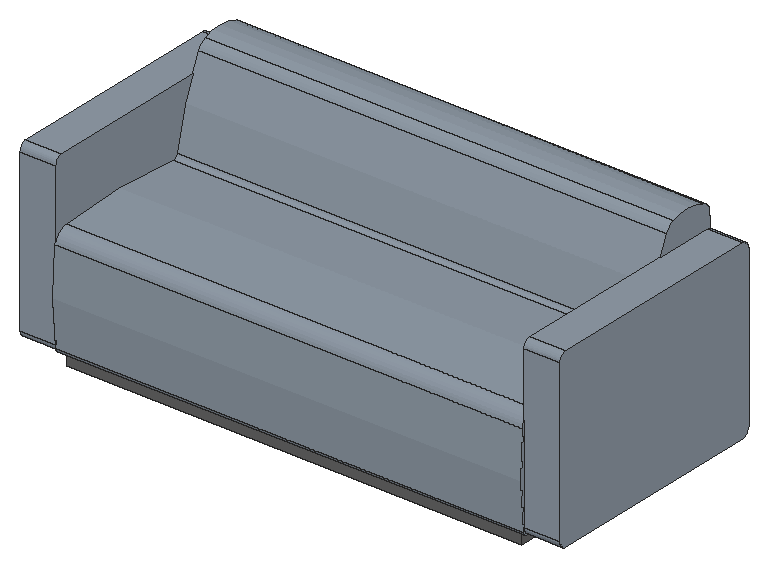
Revit family "FU_Modular_Sandler_Pau 1230TA", category Furniture, Revit 2022
Family settings
  OmniClass Number = 23.40.20.00
  OmniClass Title = General Furniture and Specialties
  Work Plane-Based = No
  Always vertical = Yes
  Cut with Voids When Loaded = No
  Render Appearance Source = Family Geometry
  Shared = No
  Room Calculation Point = No
Parameters (values of type "PAU 1230TA")
  Width = 1800 mm
  URL = "https://www.sandlerseating.com/product/pau1230ta/"
  Seat [instance] = Fabric - Gravity - Frozen CPC27
  Model = "PAU1230TA"
  Manufacturer = "Sandler"
  Height = 720 mm
  Description = "Upholstered sofa with armrest. Width 180cm / 70.9\"."
  Depth = 800 mm
  Default Elevation = 0 mm
  Base [instance] = Lacquer - W1 - B00 Black
Reference planes
  plane 1 "Center (Front/Back)": y = 0
  plane 2: z = 0
  plane 3 "Center (Left/Right)": x = 0
  plane 4 "Right": x = -900
  plane 5 "Left": x = 900
  plane 6 "Back": y = 400
  plane 7 "Front": y = -400
  plane 8 "Height": z = 720
  plane 9 "Seat height": z = 420
  plane 10 "Base Right": x = -759
  plane 11 "Base Back": y = 366.687
  plane 12 "Base Left": x = 759
  plane 13 "Base Front": y = -366.901
  plane 14 "Base Top": z = 40
  plane 15 "Right Arm": x = -780
  plane 16 "Left Arm": x = 780
Forms (mm)
  Extrusion 1, solid, material "Lacquer - W1 - B00 Black" <- "Base"
    sketch origin (0, 0, 0) x (1, 0, 0) y (0, 1, 0)
      loop
        line (-759, 366.687) -> (-759, -366.901) -> (759, -366.901) -> (759, 366.687) -> (-759, 366.687)
    from 0 to 40
  Extrusion 2, solid, material "Fabric - Gravity - Frozen CPC27" <- "Seat"
    sketch origin (0, 0, 0) x (0, 1, 0) y (0, 0, 1)
      loop
        arc (-347.109, 408.238) -> (-376.551, 394.157) -> (-391.033, 364.911) r 50
        arc (-391.033, 364.911) -> (-399.905, 208.642) -> (-386.679, 52.681) r 1108.576
        arc (-386.679, 52.681) -> (-381.612, 43.603) -> (-371.859, 40) r 15
        line (-371.859, 40) -> (374.029, 40)
        arc (374.029, 40) -> (380.395, 42.288) -> (383.848, 48.104) r 10
        arc (383.848, 48.104) -> (399.882, 210.98) -> (385.633, 374.022) r 884.51
        arc (385.633, 374.022) -> (383.344, 399.87) -> (385.795, 425.704) r 142.036
        arc (385.795, 425.704) -> (397.5, 553.207) -> (385.031, 680.637) r 678.162
        arc (385.031, 680.637) -> (378.627, 694.761) -> (366.547, 704.486) r 33.492
        arc (366.547, 704.486) -> (302.388, 719.935) -> (237.455, 708.154) r 159.868
        arc (237.455, 708.154) -> (220.834, 697.678) -> (208.813, 682.137) r 56.417
        arc (208.813, 682.137) -> (152.848, 552.661) -> (116.957, 416.25) r 936.801
        arc (116.957, 416.25) -> (111.022, 406.829) -> (100.228, 404.095) r 15
        arc (100.228, 404.095) -> (-123.313, 419.929) -> (-347.109, 408.238) r 1824.42
    from -780 to 780
  Extrusion 3, solid, material "Fabric - Gravity - Frozen CPC27" <- "Seat"
    sketch origin (900, 0, 0) x (0, -1, 0) y (0, 0, 1)
      loop
        arc (360, 40) -> (377.678, 47.322) -> (385, 65) r 25
        line (385, 65) -> (385, 600)
        arc (385, 600) -> (377.678, 617.678) -> (360, 625) r 25
        line (360, 625) -> (-375, 625)
        arc (-375, 625) -> (-392.678, 617.678) -> (-400, 600) r 25
        line (-400, 600) -> (-400, 65)
        arc (-400, 65) -> (-392.678, 47.322) -> (-375, 40) r 25
        line (-375, 40) -> (360, 40)
    from 0 to 120
  Extrusion 4, solid, material "Fabric - Gravity - Frozen CPC27" <- "Seat"
    sketch origin (-900, 0, 0) x (0, -1, 0) y (0, 0, 1)
      loop
        arc (360, 40) -> (377.678, 47.322) -> (385, 65) r 25
        line (385, 65) -> (385, 600)
        arc (385, 600) -> (377.678, 617.678) -> (360, 625) r 25
        line (360, 625) -> (-375, 625)
        arc (-375, 625) -> (-392.678, 617.678) -> (-400, 600) r 25
        line (-400, 600) -> (-400, 65)
        arc (-400, 65) -> (-392.678, 47.322) -> (-375, 40) r 25
        line (-375, 40) -> (360, 40)
    from 0 to -120
Dimensions and locks
  equal spacing: plane 4 "Right", plane 3 "Center (Left/Right)", plane 5 "Left"
  "Width": plane 4 "Right" to plane 5 "Left"
  equal spacing: plane 6 "Back", plane 1 "Center (Front/Back)", plane 7 "Front"
  "Depth": plane 6 "Back" to plane 7 "Front"
  "Height": plane 8 "Height" to level
  plane 9 "Seat height" to level = 420 mm
  locked: plane 6 "Back" to plane 11 "Base Back" at 33.313
  locked: plane 13 "Base Front" to plane 7 "Front" at 33.099
  plane 4 "Right" to plane 15 "Right Arm" to plane 10 "Base Right" = 120 mm locked, 21 mm locked
  plane 12 "Base Left" to plane 16 "Left Arm" to plane 5 "Left" = 21 mm locked, 120 mm locked
  aligned and locked: level to plane 2
  aligned and locked: Extrusion 1 sketch curve to plane 11 "Base Back"
  aligned and locked: Extrusion 1 sketch curve to plane 10 "Base Right"
  aligned and locked: Extrusion 1 sketch curve to plane 13 "Base Front"
  aligned and locked: Extrusion 1 sketch curve to plane 12 "Base Left"
  aligned and locked: Extrusion 2 to plane 15 "Right Arm"
  aligned and locked: plane 16 "Left Arm" to Extrusion 2
  aligned and locked: Extrusion 3 to plane 16 "Left Arm"
  aligned and locked: plane 15 "Right Arm" to Extrusion 4
Automatic sketch dimensions
  plane 14 "Base Top" to Extrusion 2 sketch curve = 0 mm
  Extrusion 2 sketch curve to plane 7 "Front" = 84.615 mm
  Extrusion 2 sketch curve to plane 13 "Base Front" = 4.958 mm
  plane 13 "Base Front" to Extrusion 2 sketch curve = 25.463 mm
  plane 13 "Base Front" to Extrusion 2 sketch curve = 86.242 mm
  plane 1 "Center (Front/Back)" to Extrusion 2 sketch curve = 140.209 mm
  Extrusion 2 sketch curve to plane 9 "Seat height" = 1.036 mm
  Extrusion 2 sketch curve to plane 1 "Center (Front/Back)" = 102.204 mm
  plane 11 "Base Back" to Extrusion 2 sketch curve = 107.92 mm
  plane 11 "Base Back" to Extrusion 2 sketch curve = 68.841 mm
  plane 11 "Base Back" to Extrusion 2 sketch curve = 14.533 mm
  Extrusion 2 sketch curve to plane 11 "Base Back" = 7.342 mm
  Extrusion 2 sketch curve to plane 9 "Seat height" = 20.575 mm
  plane 6 "Back" to Extrusion 2 sketch curve = 125.379 mm
  Extrusion 2 sketch curve to Extrusion 2 sketch curve = 183.184 mm
  Extrusion 2 sketch curve to Extrusion 2 sketch curve = 329.735 mm
  Extrusion 2 sketch curve to level = 1404.412 mm
  Extrusion 2 sketch curve to plane 14 "Base Top" = 10 mm
  Extrusion 2 sketch curve to plane 14 "Base Top" = 15 mm
  Extrusion 2 sketch curve to plane 14 "Base Top" = 175.825 mm
  Extrusion 2 sketch curve to plane 14 "Base Top" = 184.101 mm
  Extrusion 2 sketch curve to plane 9 "Seat height" = 173.236 mm
  Extrusion 2 sketch curve to plane 9 "Seat height" = 61.44 mm
  plane 9 "Seat height" to Extrusion 2 sketch curve = 131.174 mm
  plane 9 "Seat height" to Extrusion 2 sketch curve = 140.132 mm
  Extrusion 2 sketch curve to plane 8 "Height" = 64.082 mm
  Extrusion 2 sketch curve to plane 8 "Height" = 45.757 mm
  plane 7 "Front" to Extrusion 2 sketch curve = 8.967 mm
  Extrusion 2 sketch curve to Extrusion 2 sketch curve = 0 mm  (x10)
  Extrusion 3 sketch curve to plane 6 "Back" = 0 mm
  plane 14 "Base Top" to Extrusion 3 sketch curve = 0 mm
  Extrusion 3 sketch curve to plane 11 "Base Back" = 8.313 mm  (x2)
  plane 13 "Base Front" to Extrusion 3 sketch curve = 6.901 mm  (x2)
  plane 7 "Front" to Extrusion 3 sketch curve = 15 mm
  Extrusion 3 sketch curve to plane 8 "Height" = 120 mm
  Extrusion 4 sketch curve to plane 6 "Back" = 0 mm
  plane 14 "Base Top" to Extrusion 4 sketch curve = 0 mm
  Extrusion 4 sketch curve to plane 11 "Base Back" = 8.313 mm  (x2)
  plane 13 "Base Front" to Extrusion 4 sketch curve = 6.901 mm  (x2)
  plane 7 "Front" to Extrusion 4 sketch curve = 15 mm
  Extrusion 4 sketch curve to plane 8 "Height" = 120 mm
